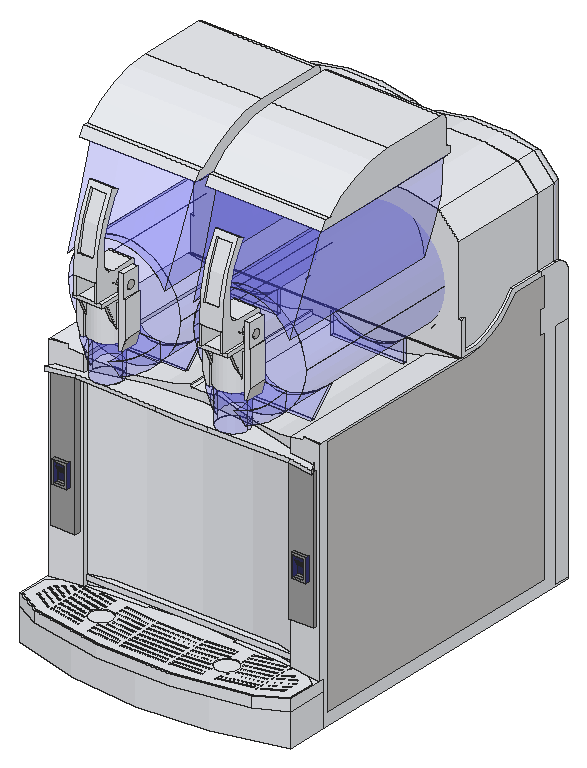
Revit family "QF_ELECTROLUXPROFESSIONAL_560023_NINA2ITNK", category Specialty Equipment, Revit 2018 (continued)
Automatic sketch dimensions
  curve 4 to plane 6 "BACK" = 0.033 mm
  plane 10 to curve 159 = 3.59 mm
  curve 159 to curve 160 = 1.194 mm
  curve 177 to plane 10 = 1.369 mm
  curve 177 to curve 176 = 1.389 mm
  curve 176 to curve 175 = 4.011 mm
  curve 175 to curve 174 = 3.03 mm
  curve 170 to curve 183 = 8.9 mm
  curve 171 to curve 170 = 0.0 mm
  curve 172 to curve 171 = 0.0 mm
  curve 173 to curve 172 = 0.0 mm
  curve 168 to curve 167 = 3.227 mm
  plane 5 "FRONT" to curve 184 = 20.343 mm
  curve 184 to curve 183 = 2.609 mm
  curve 148 to curve 147 = 4.797 mm
  curve 147 to curve 146 = 0.875 mm
  curve 146 to curve 141 = 3.227 mm
  curve 146 to curve 144 = 3.227 mm
  curve 145 to curve 144 = 0.0 mm
  curve 140 to curve 138 = 9.741 mm
  curve 139 to curve 138 = 0.0 mm
  curve 138 to curve 137 = 3.654 mm
  curve 137 to curve 136 = 1.538 mm
  curve 135 to plane 10 = 2.192 mm
  curve 134 to plane 10 = 0.268 mm
  curve 114 to curve 134 = 0.0 mm
  curve 6 to plane 6 "BACK" = 0.0 mm  (x2)
  curve 6 to curve 12 = 4.362 mm
  curve 6 to curve 6 = 0.004 mm
  curve 191 to plane 3 "Center (Left/Right)" = 5.0 mm
  plane 3 "Center (Left/Right)" to curve 191 = 5.0 mm
  curve 7 to plane 6 "BACK" = 0.001 mm  (x2)
  curve 13 to curve 7 = 4.354 mm
  curve 7 to curve 7 = 4.356 mm
  curve 114 to curve 58 = 0.0 mm
  curve 58 to plane 10 = 0.268 mm
  curve 58 to curve 59 = 1.022 mm
  curve 59 to curve 60 = 2.53 mm
  curve 60 to curve 61 = 1.538 mm
  curve 61 to curve 63 = 3.654 mm
  curve 63 to curve 66 = 9.741 mm
  curve 67 to curve 66 = 0.0 mm
  curve 68 to curve 67 = 0.0 mm
  curve 69 to curve 68 = 0.0 mm
  curve 65 to curve 64 = 0.0 mm
  curve 69 to curve 70 = 3.227 mm
  curve 70 to curve 71 = 0.875 mm
  plane 5 "FRONT" to curve 108 = 20.343 mm
  curve 107 to curve 108 = 2.609 mm
  curve 108 to curve 91 = 3.063 mm
  curve 91 to curve 92 = 3.227 mm
  curve 93 to curve 92 = 0.0 mm
  curve 94 to curve 93 = 0.0 mm
  curve 95 to curve 94 = 0.0 mm
  curve 96 to curve 95 = 0.0 mm
  curve 97 to curve 96 = 0.0 mm
  curve 98 to plane 10 = 11.571 mm
  curve 98 to curve 99 = 3.03 mm
  curve 100 to plane 10 = 3.771 mm
  curve 101 to plane 10 = 1.369 mm
  plane 10 to curve 83 = 3.59 mm
  curve 84 to curve 83 = 1.194 mm
  curve 8 to plane 6 "BACK" = 0.013 mm
  curve 8 to curve 9 = 14.054 mm
  curve 8 to plane 6 "BACK" = 0.012 mm
  curve 8 to curve 8 = 0.037 mm
  plane 10 to curve 111 = 6.754 mm
  curve 83 to curve 111 = 6.328 mm
  curve 111 to curve 112 = 1.05 mm
  curve 111 to curve 110 = 1.374 mm
  plane 10 to curve 82 = 3.5 mm
  curve 110 to curve 82 = 0.386 mm
  curve 82 to curve 81 = 4.125 mm
  curve 193 to curve 193 = 12.0 mm
  plane 8 "RIGHT" to curve 74 = 12.0 mm
  curve 75 to curve 74 = 0.0 mm
  curve 79 to curve 77 = 2.264 mm
  curve 78 to plane 10 = 3.925 mm
  curve 78 to curve 77 = 0.0 mm
  curve 23 to curve 74 = 0.0 mm
  curve 76 to curve 75 = 0.0 mm
  curve 110 to curve 22 = 6.743 mm
  curve 113 to curve 10 = 3.94 mm
  curve 18 to curve 115 = 5.89 mm
  curve 21 to curve 23 = 5.89 mm
  curve 23 to curve 74 = 2.287 mm
  curve 74 to curve 75 = 4.573 mm
  curve 150 to curve 151 = 4.573 mm
  curve 151 to curve 152 = 2.287 mm
  curve 77 to curve 78 = 2.287 mm
  curve 83 to curve 84 = 0.662 mm
  curve 159 to curve 160 = 0.662 mm
  plane 10 to curve 114 = 5.427 mm
  curve 22 to curve 112 = 7.581 mm
  curve 19 to curve 188 = 7.581 mm
  curve 188 to curve 190 = 0.422 mm
  curve 112 to curve 10 = 0.422 mm
  curve 193 to plane 9 = 73.749 mm
  curve 192 to plane 9 = 73.749 mm
  curve 191 to curve 114 = 58.61 mm
  curve 193 to curve 14 = 11.723 mm
  curve 192 to curve 11 = 11.723 mm
  curve 191 to curve 13 = 11.723 mm
  curve 191 to curve 12 = 11.723 mm
  Extrusion 41 sketch curve to plane 7 "LEFT" = 150.0 mm
  plane 7 "LEFT" to Extrusion 41 sketch curve = 0.0 mm
  plane 8 "RIGHT" to Extrusion 41 sketch curve = 0.0 mm
  Extrusion 41 sketch curve to plane 8 "RIGHT" = 150.0 mm
  Extrusion 41 sketch curve to plane 5 "FRONT" = 0.0 mm  (x2)
  plane 6 "BACK" to Extrusion 41 sketch curve = 0.0 mm
  Extrusion 41 sketch curve to Extrusion 41 sketch curve = 150.0 mm
  radius of Extrusion 3 sketch curve = 6.0 mm
  radius of Extrusion 4 sketch curve = 8.0 mm
  radius of Extrusion 5 sketch curve = 6.0 mm
  radius of Extrusion 6 sketch curve = 8.0 mm
  radius of Extrusion 7 sketch curve = 6.0 mm
  radius of Extrusion 8 sketch curve = 8.0 mm
  radius of Extrusion 9 sketch curve = 6.0 mm
  radius of Extrusion 10 sketch curve = 8.0 mm
  radius of Extrusion 25 sketch curve = 11.53 mm  (x2)
  radius of Extrusion 27 sketch curve = 10.0 mm
Nested families
  nested 1: "NINA1_Vasca" at (-65, 7.181, 24.5), type "NINA1_Vasca"
  nested 2: "NINA1_Vasca" at (65, 7.181, 24.586), type "NINA1_Vasca"
Connectors
  electrical at (0, 193.512, 25.877), driven by "Volts"
    settings: on Extrusion 27, index 1, voltage 230 V, apparent load 0 VA, apparent load phase1 0 VA, apparent load phase2 0 VA, apparent load phase3 0 VA, power factor 1, load classification "Other", number of poles 1, system type 30, power factor state 1, is connector primary yes, connector utility no, sub classification motor no, connector description "Electrical Connection"
Definition of nested family "NINA1_Vasca"
  Reference planes
    plane 1 "Center (Front/Back)": y = 0
    plane 2 "BASE": z = 0
    plane 3 "Center (Left/Right)": x = 0
    plane 4 "FEET": z = 14
    plane 5: y = -81
    plane 6 "SlopeBack": through (0, 294.5, 470.764) normal (0, 0.9659, 0.2588)
    plane 7 "TOP": z = 473
    plane 8: z = 250
    plane 9 "oblique": through (0, -111.213, 275.153) normal (0, -0.3746, 0.9272)
  Forms (mm)
    Extrusion 1, solid
      sketch origin (0, 93.757, 711) x (-1, 0, 0) y (0, -1, 0)
        loop
          circle (0, 226.958) r 15.5
      from -386.51 to -461.086
    Extrusion 2, solid
      sketch origin (0, 94.757, 746.22) x (-1, 0, 0) y (0, -1, 0)
        loop
          circle (0, 226.958) r 18
        loop
          circle (0, 226.958) r 16
      from -419.205 to -457.107
    Extrusion 3, solid
      sketch origin (0, 110.803, 696.477) x (-1, 0, 0) y (0, -1, 0)
        loop
          line (15.227, 270.303) -> (-15.227, 270.303) -> (-15.227, 224.483) -> (15.227, 224.483) -> (15.227, 270.303)
      from -363.359 to -367.263
    Extrusion 4, solid
      sketch origin (0, 64.882, -38.446) x (0, 1, 0) y (0, 0, 1)
        loop
          line (-226.563, 390.51) -> (-226.563, 371.564) -> (-178.92, 371.564) -> (-178.92, 391.372)
          arc (-178.92, 391.372) -> (-179.814, 393.531) -> (-181.974, 394.426) r 3.054
          line (-181.974, 394.426) -> (-206.974, 394.426)
          arc (-206.974, 394.426) -> (-214.474, 397.532) -> (-217.58, 405.032) r 10.607
          line (-217.58, 405.032) -> (-217.58, 427.635)
          arc (-217.58, 427.635) -> (-212.04, 445.462) -> (-203.889, 462.257) r 124.134
          line (-203.889, 462.257) -> (-201.54, 463.901) -> (-199.891, 466.614) -> (-206.196, 470.446)
          arc (-206.196, 470.446) -> (-222.352, 432) -> (-226.563, 390.51) r 141.074
      from 12 to -12
    Extrusion 5, solid
      sketch origin (-131, 110.803, -30.523) x (0, 1, 0) y (0, 0, 1)
        loop
          line (-264.5, 359.737) -> (-248.575, 325.586) -> (-246.902, 325.586) -> (-246.902, 359.737) -> (-264.5, 359.737)
      from 143.221 to 146.227
    Extrusion 6, solid
      sketch origin (0, -212.5, -30.716) x (-1, 0, 0) y (0, 0, 1)
        loop
          line (-18, 313.898) -> (-18, 386.88) -> (-23.482, 386.88) -> (-23.482, 363.641) -> (-24.969, 363.641) -> (-24.969, 326.88) -> (-21, 313.898) -> (-18, 313.898)
        loop
          line (18, 313.898) -> (21, 313.898) -> (24.969, 326.88) -> (24.969, 363.641) -> (23.482, 363.641) -> (23.482, 386.88) -> (18, 386.88) -> (18, 313.898)
      from 89.299 to 71.184
    Extrusion 7, solid
      sketch origin (0, 110.803, 840.775) x (-1, 0, 0) y (0, -1, 0)
        loop
          line (-15.227, 246.902) -> (-15.227, 225.09) -> (15.227, 225.09) -> (15.227, 246.902) -> (-15.227, 246.902)
      from -507.658 to -503.341
    Extrusion 8, void
      sketch origin (0, 100.803, -34.78) x (0, 1, 0) y (0, 0, 1)
        loop
          circle (-234.353, 378.005) r 3.978
      from 24.969 to -24.969
    Extrusion 9, solid
      sketch origin (0, 100.803, -34.78) x (0, 1, 0) y (0, 0, 1)
        loop
          circle (-234.353, 378.005) r 3.978
      from 24 to -24
    Extrusion 10, solid
      sketch origin (0, 212.5, -83.88) x (-1, 0, 0) y (0, 0, 1)
        loop
          circle (0, 394.542) r 62
        loop
          circle (0, 394.542) r 58
      from -129.207 to -140.93
    Extrusion 11, solid
      sketch origin (0, -212.5, 101.858) x (-1, 0, 0) y (0, 0, 1)
        loop
          line (49.6, 238.868) -> (54.311, 328.744) -> (58.38, 328.744) -> (58.38, 331.36) -> (-58.38, 331.36) -> (-58.38, 328.744) -> (-54.311, 328.744) -> (-49.6, 238.868)
          arc (-49.6, 238.868) -> (0, 266.804) -> (49.6, 238.868) r 58
      from 70.017 to 284.07
    Blend 12, void
      base sketch origin (0, 16.422, 0) x (1, 0, 0) y (0, 1, 0)
        loop
          arc (82, -118.5) -> (-0.5, -148.501) -> (-83, -118.5) r 128.434
          line (-83, -118.5) -> (-83, -163.5) -> (82, -163.5) -> (82, -118.5)
      top sketch origin (0, 16.422, 0) x (1, 0, 0) y (0, 1, 0)
        loop
          line (-83, -87.516) -> (-83, -163.5) -> (82, -163.5) -> (82, -87.516)
          arc (82, -87.516) -> (-0.5, -101.483) -> (-83, -87.516) r 250.65
      from 340 to 451.416
    Extrusion 13, void
      sketch origin (0, 0, 0) x (0, 1, 0) y (0, 0, 1)
        loop
          arc (-144.281, 426.88) -> (-155.374, 400.936) -> (-161.083, 373.302) r 141.074
          line (-161.083, 373.302) -> (-159.474, 373.302)
          arc (-159.474, 373.302) -> (-153.828, 400.519) -> (-142.898, 426.075) r 139.474
          line (-142.898, 426.075) -> (-144.281, 426.88)
      from -8 to 8
    Extrusion 14, solid
      sketch origin (0, 0, 0) x (0, 1, 0) y (0, 0, 1)
        loop
          line (71.57, 439.787) -> (66.342, 441.879) -> (66.342, 466.879)
          arc (66.342, 466.879) -> (64.549, 471.207) -> (60.221, 473) r 6.121
          line (60.221, 473) -> (-8.308, 473)
          arc (-8.308, 473) -> (-48.867, 464.422) -> (-83.658, 441.879) r 113.743
          line (-83.658, 441.879) -> (-88.658, 441.879) -> (-93.658, 433.219) -> (71.57, 433.219) -> (71.57, 439.787)
      from 60 to -60
    Extrusion 15, void
      sketch origin (0, -212.5, 0) x (-1, 0, 0) y (0, 0, 1)
        loop
          circle (0, 310.663) r 58
      from 252.476 to 256.393
    Extrusion 16, solid
      sketch origin (0, 0, 0) x (0, 1, 0) y (0, 0, 1)
        loop
          line (43.893, 274.394) -> (39.976, 274.394) -> (39.976, 243.352) -> (43.893, 243.352) -> (43.893, 274.394)
      from -38 to 38
    Extrusion 17, solid
      sketch origin (0, 0, 0) x (0, 1, 0) y (0, 0, 1)
        loop
          line (-79.951, 243.352) -> (-75.844, 243.352) -> (-44.478, 274.718) -> (-48.585, 274.718) -> (-79.951, 243.352)
      from -38 to 38
    Extrusion 18, void
      sketch origin (0, -212.5, 0) x (-1, 0, 0) y (0, 0, 1)
        loop
          circle (0, 310.663) r 58
      from 130.305 to 168.022
    Extrusion 19, solid
      sketch origin (0, -212.5, 0) x (-1, 0, 0) y (0, 0, 1)
        loop
          circle (0, 310.663) r 58
      from 284.07 to 101.287
    Blend 20, void
      base sketch origin (0, -51.422, 0) x (1, 0, 0) y (0, 1, 0)
        loop
          line (82, 118.5) -> (82, 163.5) -> (-83, 163.5) -> (-83, 118.5)
          arc (-83, 118.5) -> (-0.5, 148.501) -> (82, 118.5) r 128.434
      top sketch origin (0, -51.422, 0) x (1, 0, 0) y (0, 1, 0)
        loop
          arc (-83, 87.516) -> (-0.5, 111) -> (82, 87.516) r 156.656
          line (82, 87.516) -> (82, 163.5) -> (-83, 163.5) -> (-83, 87.516)
      from 426.709 to 337.435
    Extrusion 21, solid
      sketch origin (131, 110.803, -30.523) x (0, 1, 0) y (0, 0, -1)
        loop
          line (-264.5, -359.737) -> (-246.902, -359.737) -> (-246.902, -325.586) -> (-248.575, -325.586) -> (-264.5, -359.737)
      from 143.221 to 146.227
    Extrusion 22, void
      sketch origin (0, -212.5, 0) x (-1, 0, 0) y (0, 0, 1)
        loop
          line (9.387, 352.063) -> (-9.387, 352.063) -> (-9.387, 333.118) -> (9.387, 333.118) -> (9.387, 352.063)
      from 47.252 to 98.82
    Extrusion 23, solid
      sketch origin (0, -111.175, 275.168) x (0, 0.927184, 0.374607) y (-1, 0, 0)
        loop
          line (3.629, -37.924) -> (3.629, 37.076)
          arc (3.629, 37.076) -> (-33.871, -0.424) -> (3.629, -37.924) r 37.5
      from -9 to 10
    Extrusion 24, void
      sketch origin (0, 93.757, 711) x (-1, 0, 0) y (0, -1, 0)
        loop
          circle (0, 226.958) r 15.5
      from -386.51 to -461.086
  Cuts and joins
    Extrusion 13, Blend 20, Extrusion 22 cuts Extrusion 4
    Extrusion 13 cuts Extrusion 5
    joined: Extrusion 5, Extrusion 21
    Extrusion 8 cuts Extrusion 6
    Blend 12, Extrusion 18, Blend 20 cuts Extrusion 11
    Extrusion 15, Extrusion 18 cuts Extrusion 16
    Extrusion 18 cuts Extrusion 17
    Blend 20 cuts Extrusion 14
    Extrusion 24 cuts Extrusion 23
    joined: Extrusion 19, Extrusion 23
  Lines and regions (mm)
    symbolic lines
      curve 1: line (-60, 71.57, 0) -> (-60, -93.658, 0)
      curve 2: line (60, 71.57, 0) -> (-60, 71.57, 0)
      curve 3: line (62, 83.293, 0) -> (-62, 83.293, 0)
      curve 4: line (60, 66.342, 0) -> (-60, 66.342, 0)
      curve 5: line (60, -93.658, 0) -> (60, 71.57, 0)
      curve 6: line (-60, -8.308, 0) -> (60, -8.308, 0)
      curve 7: line (-60, -83.658, 0) -> (60, -83.658, 0)
      curve 8: line (-60, -88.658, 0) -> (60, -88.658, 0)
      curve 9: line (-60, -93.658, 0) -> (60, -93.658, 0)
      curve 10: arc (58.38, -88.744, 0) -> (-0.61, -100.704, 0) -> (-59.583, -88.658, 0) r 150.92
      curve 11: spline (-53.991, -93.658, 0) -> (-53.625, -96.009, 0) -> (-53.259, -98.364, 0) -> (-52.893, -100.722, 0) -> (-52.527, -103.083, 0) -> (-52.161, -105.448, 0) -> (-51.795, -107.816, 0) -> (-51.429, -110.187, 0) -> (-51.063, -112.561, 0) -> (-50.697, -114.938, 0) -> (-50.332, -117.319, 0) -> (-49.966, -119.703, 0) -> (-49.6, -122.091, 0)
      curve 12: line (-58, -111.213, 0) -> (58, -111.213, 0)
      curve 13: spline (-35.314, -122.091, 0) -> (-34.789, -123.514, 0) -> (-34.198, -124.914, 0) -> (-33.543, -126.29, 0) -> (-32.824, -127.638, 0) -> (-32.043, -128.957, 0) -> (-31.201, -130.242, 0) -> (-30.3, -131.493, 0) -> (-29.341, -132.706, 0) -> (-28.327, -133.88, 0) -> (-27.259, -135.012, 0) -> (-26.139, -136.1, 0) -> (-24.969, -137.142, 0)
      curve 14: arc (24.969, -137.699, 0) -> (31.833, -130.581, 0) -> (36.174, -121.696, 0) r 31.75
      curve 15: arc (15.227, -143.45, 0) -> (17.568, -142.495, 0) -> (19.804, -141.316, 0) r 25.92
      curve 16: line (-12, -161.838, 0) -> (12, -161.838, 0)
      curve 17: line (12, -161.838, 0) -> (12, -121.838, 0)
      curve 18: line (18, -137.528, 0) -> (12, -137.528, 0)
      curve 19: line (18, -129.571, 0) -> (12, -129.571, 0)
      curve 20: line (18, -123.201, 0) -> (18, -141.316, 0)
      curve 21: line (24.969, -123.201, 0) -> (18, -123.201, 0)
      curve 22: line (18, -141.316, 0) -> (24.969, -141.316, 0)
      curve 23: line (24.969, -141.316, 0) -> (24.969, -123.201, 0)
      curve 24: line (23.482, -141.316, 0) -> (23.482, -123.201, 0)
      curve 25: line (-12, -135.009, 0) -> (12, -135.009, 0)
      curve 26: line (12, -141.314, 0) -> (-12, -141.314, 0)
      curve 27: line (8, -161.083, 0) -> (-8, -161.083, 0)
      curve 28: line (8, -159.474, 0) -> (-8, -159.474, 0)
      curve 29: line (8, -161.083, 0) -> (8, -144.281, 0)
      curve 30: line (-8, -144.281, 0) -> (-8, -161.083, 0)
      curve 31: line (-8, -144.281, 0) -> (8, -144.281, 0)
      curve 32: line (-24.969, -123.201, 0) -> (-24.969, -141.316, 0)
      curve 33: line (-23.482, -123.201, 0) -> (-23.482, -141.316, 0)
      curve 34: line (-18, -141.316, 0) -> (-18, -123.201, 0)
      curve 35: line (-18, -129.548, 0) -> (-12, -129.548, 0)
      curve 36: line (-18, -137.527, 0) -> (-12, -137.527, 0)
      curve 37: line (-12, -122.386, 0) -> (-12, -161.838, 0)
      curve 38: line (-24.969, -123.201, 0) -> (-18, -123.201, 0)
      curve 39: line (-24.969, -141.316, 0) -> (-18, -141.316, 0)
      curve 41: line (-49.6, -122.091, 0) -> (49.381, -122.091, 0)
      curve 42: line (49.381, -122.091, 0) -> (53.884, -93.658, 0)
      curve 43: line (-58, -93.658, 0) -> (-58, -111.213, 0)
      curve 44: line (58, -111.213, 0) -> (58, -93.658, 0)
      curve 45: line (-62, 71.57, 0) -> (-62, 83.293, 0)
      curve 46: line (62, 71.57, 0) -> (62, 83.293, 0)
      curve 47: line (-18.887, -141.316, 0) -> (-15.227, -143.181, 0)
      curve 48: line (-15.227, -137.527, 0) -> (-15.227, -159.5, 0)
      curve 49: line (15.227, -159.5, 0) -> (15.227, -137.528, 0)
      curve 50: line (-15.227, -159.5, 0) -> (-12, -159.5, 0)
      curve 51: line (15.227, -159.5, 0) -> (12, -159.5, 0)
    model lines
      curve 40: line (49.381, -122.091, 0) -> (53.884, -93.658, 0)
  Dimensions and locks
    plane 7 "TOP" to level = 473.0 mm  (x2)
    plane 8 to level = 250.0 mm  (x2)
    aligned and locked: level to plane 2 "BASE"
